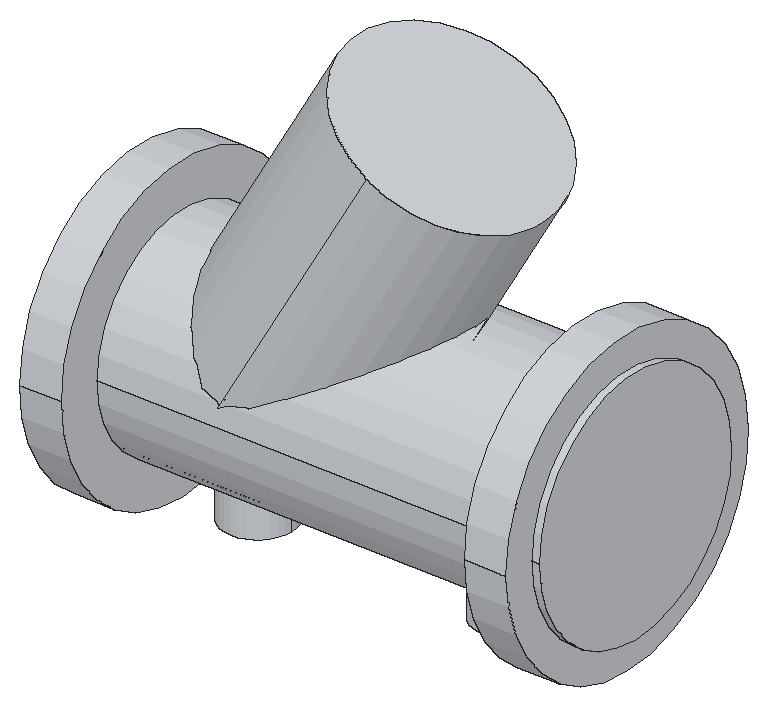
Revit family "HS 821-síto_jemné-PN40-DN200-RFA_2019", category Pipe Accessories, Revit 2019
Family settings
  Round Connector Dimension = Use Diameter
  Part Type = Breaks Into
  Work Plane-Based = No
  Always vertical = Yes
  Cut with Voids When Loaded = No
  Shared = No
Parameters (values of type "821F-DN200-PN40-síto_jemné")
  magiProductId = "7fb3fc01dd8d42428c203e3f8dd4d5"
  magiProductFamilyId = "79214ac3aaa945e397802f559f5c1e"
  magiPartTypeId = 307
  isMeasuringValve [instance] = no
  ang2D [instance] = 0.00°
  ZB__ve = -ZB  # -56 mm
  ZB1 = 115.425 mm
  ZB = 56 mm
  X2 = 188.361 mm
  X1 = 84 mm
  W2D = 15 mm
  VersionID = "2.0/2017.9.26.1/ZETKAMA_821_001"
  Use Minimum Symbol Size [instance] = yes
  URL = "www.hydronic.cz"
  Type Comments = "Filtr přírubový; síto jemné; A-PN16 (-10~300°C); D-PN25 (-10~350°C); F-PN40 (-10~400°C)"
  S = 285 mm
  QmdConnectorList = "301;D;302;D"
  Productdata [instance] = ""
  Manufacturer = "Hydronic Systems Prague s.r.o."
  MC Product Code = "250 693 (821F; DN200; PN40; kvs706,7; oko síta 0,63mm)"
  LM1 = 48 mm
  LM = 480 mm
  L4 = 150 mm
  L2D_Min = 3048 mm
  L2D = 130 mm
  L2 = 300 mm
  HH2 = 326.25 mm
  FD = 360 mm
  Description = "Filtr přírubový; síto jemné; 821A-PN16; 821D-PN25; 821F-PN40"
  DM1 = 252 mm
  DM = 256.5 mm
  D = 200 mm
  CC = 10.2 mm
  CAT0 = yes
  C1 = 49.8 mm
  C = 60 mm
  BD = 80.797 mm
Types (40, lengths in mm): name | magiProductId | ZB__ve | ZB1 | ZB | X2 | X1 | S | MC Product Code | LM1 | LM | L4 | L2 | HH2 | FD | DM1 | DM | D | CC | C1 | C | BD
  821A-DN015-PN16-síto_jemné | "a71bcfe8b393460598b23e8ddf7dc5" | -16.25 | 18.63 | 16.25 | 46.982 | 18.2 | 46 | "210 115 (821A; DN015; PN16; kvs6,2; oko síta 0,63mm)" | 10.4 | 104 | 32.5 | 65 | 81.375 | 95 | 27.6 | 41.4 | 15 | 2.21 | 10.79 | 13 | 13.041
  821A-DN020-PN16-síto_jemné | "41cd6c7a12924f4991217528336076" | -17.75 | 22.68 | 17.75 | 51.673 | 21 | 56 | "210 120 (821A; DN020; PN16; kvs9,6; oko síta 0,63mm)" | 12 | 120 | 37.5 | 75 | 89.5 | 105 | 33.6 | 50.4 | 20 | 2.55 | 12.45 | 15 | 15.876
  821A-DN025-PN16-síto_jemné | "be378b463ed14c3abf4c9b3ae8cf3a" | -19.25 | 26.325 | 19.25 | 58.601 | 22.4 | 65 | "210 125 (821A; DN025; PN16; kvs14,2; oko síta 0,63mm)" | 12.8 | 128 | 40 | 80 | 101.5 | 115 | 43.2 | 58.5 | 25 | 2.72 | 13.28 | 16 | 18.427
  821A-DN032-PN16-síto_jemné | "227a0d18b21540afabe8b6067d35fa" | -23 | 30.78 | 23 | 68.849 | 25.2 | 76 | "210 132 (821A; DN032; PN16; kvs23,1; oko síta 0,63mm)" | 14.4 | 144 | 45 | 90 | 119.25 | 140 | 50.4 | 68.4 | 32 | 3.06 | 14.94 | 18 | 21.546
  821A-DN040-PN16-síto_jemné | "d106917c74724141a10440112d0102" | -24.5 | 34.02 | 24.5 | 75.777 | 28 | 84 | "210 140 (821A; DN040; PN16; kvs36,6; oko síta 0,63mm)" | 16 | 160 | 50 | 100 | 131.25 | 150 | 60 | 75.6 | 40 | 3.4 | 16.6 | 20 | 23.814
  821A-DN050-PN16-síto_jemné | "8255d456a09e4f6486734f5dd9171b" | -26.75 | 40.095 | 26.75 | 79.061 | 32.2 | 99 | "210 150 (821A; DN050 PN16; kvs53,7; oko síta 0,63mm)" | 18.4 | 184 | 57.5 | 115 | 136.938 | 165 | 73.8 | 89.1 | 50 | 3.91 | 19.09 | 23 | 28.066
  821A-DN065-PN16-síto_jemné | "235b1b3e4c0843779a4d5e3716d40a" | -29.75 | 47.79 | 29.75 | 86.927 | 40.6 | 118 | "210 165 (821A; DN065; PN16; kvs95,1; oko síta 0,63mm)" | 23.2 | 232 | 72.5 | 145 | 150.562 | 185 | 94.2 | 106.2 | 65 | 4.93 | 24.07 | 29 | 33.453
  821A-DN080-PN16-síto_jemné | "a067f7c5236348ed8c820d16df7214" | -32 | 53.46 | 32 | 104.753 | 43.4 | 132 | "210 180 (821A; DN080; PN16; kvs137,1; oko síta 0,63mm)" | 24.8 | 248 | 77.5 | 155 | 181.438 | 200 | 107.4 | 118.8 | 80 | 5.27 | 25.73 | 31 | 37.422
  821A-DN100-PN16-síto_jemné | "c49a648c2747461285837d643703cd" | -35 | 63.18 | 35 | 114.857 | 49 | 156 | "210 190 (821A; DN100; PN16; kvs206,4; oko síta 0,63mm)" | 28 | 280 | 87.5 | 175 | 198.937 | 220 | 131.4 | 140.4 | 100 | 5.95 | 29.05 | 35 | 44.226
  821A-DN125-PN16-síto_jemné | "bf68e728a163493cbd2a663b26ebdc" | -39.5 | 74.52 | 39.5 | 131.888 | 56 | 184 | "210 191 (821A; DN125; PN16; kvs268,8; oko síta 0,63mm)" | 32 | 320 | 100 | 200 | 228.438 | 250 | 165 | 165.6 | 125 | 6.8 | 33.2 | 40 | 52.164
  821A-DN150-PN16-síto_jemné | "2de770284b654863ae6bc865769dc5" | -44.75 | 85.455 | 44.75 | 155.885 | 67.2 | 211 | "210 192 (821A; DN150; PN16; kvs401,4; oko síta 0,63mm)" | 38.4 | 384 | 120 | 240 | 270 | 285 | 192 | 189.9 | 150 | 8.16 | 39.84 | 48 | 59.818
  821A-DN200-PN16-síto_jemné | "8e5693371ab64aabb29a7f08c76e15" | -53 | 107.73 | 53 | 188.361 | 84 | 266 | "210 193 (821A; DN200; PN16; kvs706,7; oko síta 0,63mm)" | 48 | 480 | 150 | 300 | 326.25 | 340 | 252 | 239.4 | 200 | 10.2 | 49.8 | 60 | 75.411
  821A-DN250-PN16-síto_jemné | "05e37ed948c34047acdd4c42556504" | -62.75 | 129.195 | 62.75 | 255.911 | 102.2 | 319 | "210 194 (821A; DN250; PN16; kvs1229,4; oko síta 0,63mm)" | 58.4 | 584 | 182.5 | 365 | 443.25 | 405 | 309.6 | 287.1 | 250 | 12.41 | 60.59 | 73 | 90.436
  821A-DN300-PN16-síto_jemné | "9ad0af747269428da925480d83ce80" | -71 | 149.85 | 71 | 325.914 | 119 | 370 | "210 195 (821A; DN300; PN16; kvs1902,4; oko síta 0,63mm)" | 68 | 680 | 212.5 | 425 | 564.5 | 460 | 369.6 | 333 | 300 | 14.45 | 70.55 | 85 | 104.895
  821A-DN350-PN16-síto_jemné | "eebc71459bb3451bb4355e7951370a" | -80 | 173.745 | 80 | 356.875 | 137.2 | 429 | "200 196 (821A; DN350; PN16; kvs2611,0; oko síta 0,63mm)" | 78.4 | 784 | 245 | 490 | 618.125 | 520 | 438 | 386.1 | 350 | 16.66 | 81.34 | 98 | 121.621
  821A-DN400-PN16-síto_jemné | "d2f677cb196647e385b2590e7d8abe" | -89 | 194.4 | 89 | 392.237 | 154 | 480 | "210 197 (821A; DN400; PN16; kvs3438,4; oko síta 0,63mm)" | 88 | 880 | 275 | 550 | 679.375 | 580 | 498 | 432 | 400 | 18.7 | 91.3 | 110 | 136.08
  821D-DN015-PN25-síto_jemné | "27ddcbf555414f8ca1fde329bf9087" | -16.25 | 18.63 | 16.25 | 46.982 | 18.2 | 46 | "210 215 (821D; DN015; PN25; kvs6,2; oko síta 0,63mm)" | 10.4 | 104 | 32.5 | 65 | 81.375 | 95 | 27.6 | 41.4 | 15 | 2.21 | 10.79 | 13 | 13.041
  821D-DN020-PN25-síto_jemné | "270e0f14012f47189cd0235c18faee" | -17.75 | 22.68 | 17.75 | 51.673 | 21 | 56 | "210 220 (821D; DN020; PN25; kvs9,6; oko síta 0,63mm)" | 12 | 120 | 37.5 | 75 | 89.5 | 105 | 33.6 | 50.4 | 20 | 2.55 | 12.45 | 15 | 15.876
  821D-DN025-PN25-síto_jemné | "b9a7fb4aa36643878c637d8e1ab992" | -19.25 | 26.325 | 19.25 | 58.601 | 22.4 | 65 | "210 225 (821D; DN025; PN25; kvs14,2; oko síta 0,63mm)" | 12.8 | 128 | 40 | 80 | 101.5 | 115 | 43.2 | 58.5 | 25 | 2.72 | 13.28 | 16 | 18.427
  821D-DN032-PN25-síto_jemné | "6be9a55c4e68400f94eec7e804204c" | -23 | 30.78 | 23 | 68.849 | 25.2 | 76 | "210 232 (821D; DN032; PN25; kvs23,1; oko síta 0,63mm)" | 14.4 | 144 | 45 | 90 | 119.25 | 140 | 50.4 | 68.4 | 32 | 3.06 | 14.94 | 18 | 21.546
  821D-DN040-PN25-síto_jemné | "c54511bd7f584ec2984291479612cb" | -24.5 | 34.02 | 24.5 | 75.777 | 28 | 84 | "210 240 (821D; DN040; PN25; kvs36,6; oko síta 0,63mm)" | 16 | 160 | 50 | 100 | 131.25 | 150 | 60 | 75.6 | 40 | 3.4 | 16.6 | 20 | 23.814
  821D-DN050-PN25-síto_jemné | "5483b1f596b04cd39b23a14a22c90e" | -26.75 | 40.095 | 26.75 | 79.061 | 32.2 | 99 | "210 250 (821D; DN050; PN25; kvs53,7; oko síta 0,63mm)" | 18.4 | 184 | 57.5 | 115 | 136.938 | 165 | 73.8 | 89.1 | 50 | 3.91 | 19.09 | 23 | 28.066
  821D-DN065-PN25-síto_jemné | "767b0f8318e94750bc7a9930ed5b30" | -29.75 | 47.79 | 29.75 | 86.927 | 40.6 | 118 | "210 265 (821D; DN065; PN25; kvs95,1; oko síta 0,63mm)" | 23.2 | 232 | 72.5 | 145 | 150.562 | 185 | 94.2 | 106.2 | 65 | 4.93 | 24.07 | 29 | 33.453
  821D-DN080-PN25-síto_jemné | "e21040fa3cc2404b858198f6b73709" | -32 | 53.46 | 32 | 104.753 | 43.4 | 132 | "210 280 (821D; DN080; PN25; kvs137,1; oko síta 0,63mm)" | 24.8 | 248 | 77.5 | 155 | 181.438 | 200 | 107.4 | 118.8 | 80 | 5.27 | 25.73 | 31 | 37.422
  821D-DN100-PN25-síto_jemné | "175ca87a506b40b3bc6b82f12f33cf" | -37.25 | 63.18 | 37.25 | 114.857 | 49 | 156 | "210 290 (821D; DN100; PN25; kvs206,4; oko síta 0,63mm)" | 28 | 280 | 87.5 | 175 | 198.937 | 235 | 131.4 | 140.4 | 100 | 5.95 | 29.05 | 35 | 44.226
  821D-DN125-PN25-síto_jemné | "77cc98d60da24855999a22dff726b2" | -42.5 | 74.52 | 42.5 | 131.888 | 56 | 184 | "210 291 (821D; DN125; PN25; kvs268,8; oko síta 0,63mm)" | 32 | 320 | 100 | 200 | 228.438 | 270 | 165 | 165.6 | 125 | 6.8 | 33.2 | 40 | 52.164
  821D-DN150-PN25-síto_jemné | "9cf8acfcd15547d68e83172d3abcbe" | -47 | 85.455 | 47 | 155.885 | 67.2 | 211 | "210 292 (821D; DN150; PN25; kvs401,4; oko síta 0,63mm)" | 38.4 | 384 | 120 | 240 | 270 | 300 | 192 | 189.9 | 150 | 8.16 | 39.84 | 48 | 59.818
  821D-DN200-PN25-síto_jemné | "16973f3c9ea14389ba8602495a6b64" | -56 | 110.97 | 56 | 188.361 | 84 | 274 | "210 293 (821D; DN200; PN25; kvs706,7; oko síta 0,63mm)" | 48 | 480 | 150 | 300 | 326.25 | 360 | 252 | 246.6 | 200 | 10.2 | 49.8 | 60 | 77.679
  821F-DN015-PN40-síto_jemné | "4c7eaf3c4c0340888b3e684d8a8616" | -16.25 | 18.225 | 16.25 | 46.982 | 18.2 | 45 | "250 615 (821F; DN015; PN40; kvs6,2; oko síta 0,63mm)" | 10.4 | 104 | 32.5 | 65 | 81.375 | 95 | 27.6 | 40.5 | 15 | 2.21 | 10.79 | 13 | 12.757
  821F-DN020-PN40-síto_jemné | "aaac5f1ec96b44d6ba96ac2293d66d" | -17.75 | 23.49 | 17.75 | 51.673 | 21 | 58 | "250 620 (821F; DN020; PN40; kvs9,6; oko síta 0,63mm)" | 12 | 120 | 37.5 | 75 | 89.5 | 105 | 33.6 | 52.2 | 20 | 2.55 | 12.45 | 15 | 16.443
  821F-DN025-PN40-síto_jemné | "504768023968471481789485b54c7e" | -19.25 | 27.54 | 19.25 | 58.601 | 22.4 | 68 | "250 625 (821F; DN025; PN40; kvs14,2; oko síta 0,63mm)" | 12.8 | 128 | 40 | 80 | 101.5 | 115 | 43.2 | 61.2 | 25 | 2.72 | 13.28 | 16 | 19.278
  821F-DN032-PN40-síto_jemné | "165e7f39cf744f329bdf1c400dad12" | -23 | 31.59 | 23 | 68.849 | 25.2 | 78 | "250 632 (821F; DN032; PN40; kvs23,1; oko síta 0,63mm)" | 14.4 | 144 | 45 | 90 | 119.25 | 140 | 50.4 | 70.2 | 32 | 3.06 | 14.94 | 18 | 22.113
  821F-DN040-PN40-síto_jemné | "b8903f952089408fbf3a5a632bab1f" | -24.5 | 35.64 | 24.5 | 75.777 | 28 | 88 | "250 640 (821F; DN040; PN40; kvs36,6; oko síta 0,63mm)" | 16 | 160 | 50 | 100 | 131.25 | 150 | 60 | 79.2 | 40 | 3.4 | 16.6 | 20 | 24.948
  821F-DN050-PN40-síto_jemné | "c451f97266fe48da8f879cb6a2bd44" | -26.75 | 41.31 | 26.75 | 79.061 | 32.2 | 102 | "250 650 (821F; DN050; PN40; kvs53,7; oko síta 0,63mm)" | 18.4 | 184 | 57.5 | 115 | 136.938 | 165 | 73.8 | 91.8 | 50 | 3.91 | 19.09 | 23 | 28.917
  821F-DN065-PN40-síto_jemné | "dc9821e3f9b34e128f6a8c6b34c198" | -29.75 | 49.41 | 29.75 | 86.927 | 40.6 | 122 | "250 665 (821F; DN065; PN40; kvs95,1; oko síta 0,63mm)" | 23.2 | 232 | 72.5 | 145 | 150.562 | 185 | 94.2 | 109.8 | 65 | 4.93 | 24.07 | 29 | 34.587
  821F-DN080-PN40-síto_jemné | "689aa1e260f84cf4994f027a1d86b5" | -32 | 55.89 | 32 | 104.753 | 43.4 | 138 | "250 680 (821F; DN080; PN40; kvs137,1; oko síta 0,63mm)" | 24.8 | 248 | 77.5 | 155 | 181.438 | 200 | 107.4 | 124.2 | 80 | 5.27 | 25.73 | 31 | 39.123
  821F-DN100-PN40-síto_jemné | "8a45d4e8e2ab425f8c432f21d684f3" | -37.25 | 65.61 | 37.25 | 114.857 | 49 | 162 | "250 690 (821F; DN100; PN40; kvs206,4; oko síta 0,63mm)" | 28 | 280 | 87.5 | 175 | 198.937 | 235 | 131.4 | 145.8 | 100 | 5.95 | 29.05 | 35 | 45.927
  821F-DN125-PN40-síto_jemné | "cf073904c006406b8645afa67ea2fc" | -42.5 | 76.14 | 42.5 | 131.888 | 56 | 188 | "250 691 (821F; DN125; PN40; kvs268,8; oko síta 0,63mm)" | 32 | 320 | 100 | 200 | 228.438 | 270 | 165 | 169.2 | 125 | 6.8 | 33.2 | 40 | 53.298
  821F-DN150-PN40-síto_jemné | "0153b9ddabe14992a630484929fdbc" | -47 | 88.29 | 47 | 155.885 | 67.2 | 218 | "250 692 (821F; DN150; PN40; kvs401,4; oko síta 0,63mm)" | 38.4 | 384 | 120 | 240 | 270 | 300 | 192 | 196.2 | 150 | 8.16 | 39.84 | 48 | 61.803
  821F-DN200-PN40-síto_jemné | "7fb3fc01dd8d42428c203e3f8dd4d5" | -56 | 115.425 | 56 | 188.361 | 84 | 285 | "250 693 (821F; DN200; PN40; kvs706,7; oko síta 0,63mm)" | 48 | 480 | 150 | 300 | 326.25 | 360 | 252 | 256.5 | 200 | 10.2 | 49.8 | 60 | 80.797
Reference planes
  plane 1 "Center (Front/Back)": y = 0
  plane 2 "XYPLANE": z = 0
  plane 3 "Center (Left/Right)": x = 0
  plane 4 "109": x = -192
  plane 5 "108": x = 240
  plane 6 "107": x = -240
  plane 7 "105": x = 300
  plane 8 "104": x = -300
  plane 9 "103": y = 0
  plane 10 "102": z = 0
  plane 11 "101": x = -289.8
  plane 12 "100": x = 289.8
  plane 13 "11": x = -108
  plane 14 "10": z = 326.25
  plane 15 "9": x = 80.361
  plane 16 "5": z = -115.425
  plane 17 "4": x = -150
  plane 18 "1": x = 150
Forms (mm)
  Extrusion 1, solid, visible <- "CAT0"
    sketch origin (-240, -750, 0) x (0, 1, 0) y (0, 0, 1)
      loop
        circle (750, 0) r 128.25
    from 0 to 480 <- "LM"
  Extrusion 2, solid
    sketch origin (-300, -750, 0) x (0, 1, 0) y (0, 0, 1)
      loop
        circle (750, 0) r 142.5
    from 0 to 10.2 <- "CC"
  Extrusion 3, solid
    sketch origin (-289.8, -750, 0) x (0, 1, 0) y (0, 0, 1)
      loop
        circle (750, 0) r 180
    from 0 to 49.8 <- "C1"
  Extrusion 4, solid
    sketch origin (240, -750, 0) x (0, 1, 0) y (0, 0, 1)
      loop
        circle (750, 0) r 180
    from 0 to 49.8 <- "C1"
  Extrusion 5, solid
    sketch origin (289.8, -750, 0) x (0, 1, 0) y (0, 0, 1)
      loop
        circle (750, 0) r 142.5
    from 0 to 10.2 <- "CC"
  Sweep 6, solid, visible <- "CAT0"
    path origin (750, 0, 0) x (-1, 0, 0) y (0, 0, 1)
      loop
        line (990, 0) -> (858, 0) -> (669.639, 326.25)
    profile origin (-240, 0, 0) x (0, 0, -1) y (0, 1, 0)
      loop
        circle (0, 0) r 126
  Extrusion 7, solid, visible <- "CAT0"
    sketch origin (-750, 0, -115.425) x (1, 0, 0) y (0, 1, 0)
      loop
        circle (600, 0) r 40.399
    from 0 to -56 <- "ZB__ve"
  Extrusion 8, solid, visible <- "CAT0"
    sketch origin (-750, 0, -115.425) x (1, 0, 0) y (0, 1, 0)
      loop
        circle (900, 0) r 40.399
    from 0 to -56 <- "ZB__ve"
  Extrusion 9, solid, not visible
    sketch origin (300, -750, 0) x (0, 1, 0) y (0, 0, 1)
      loop
        circle (750, 0) r 10
    from 0 to -10
  Extrusion 10, solid, not visible
    sketch origin (-300, -750, 0) x (0, 1, 0) y (0, 0, 1)
      loop
        circle (750, 0) r 10
    from 0 to 10
Lines and regions (mm)
  reference lines, not visible
    curve 1: circle (2, 2, 0) r 1 normal (0, 0, 1)
Dimensions and locks
  plane 1 "Center (Front/Back)" to curve 1 = 2 mm
  "LM1": plane 6 "107" to plane 4 "109"
  "LM": plane 6 "107" to plane 5 "108"
  "C": plane 8 "104" to plane 6 "107"
  "L2": plane 3 "Center (Left/Right)" to plane 7 "105"
  "L2": plane 3 "Center (Left/Right)" to plane 8 "104"
  locked: plane 1 "Center (Front/Back)" to plane 9 "103"
  locked: plane 2 "XYPLANE" to plane 10 "102"
  "CC": plane 8 "104" to plane 11 "101"
  "C1": plane 5 "108" to plane 12 "100"
  "X1": plane 4 "109" to plane 13 "11"
  "HH2": plane 2 "XYPLANE" to plane 14 "10"
  "X2": plane 13 "11" to plane 15 "9"
  "ZB1": plane 2 "XYPLANE" to plane 16 "5"
  "L4": plane 8 "104" to plane 17 "4"
  "L2": plane 17 "4" to plane 18 "1"
  Sweep 6 sketch curve to Sweep 6 sketch curve = 0 mm  (x2)
  "DM": diameter of Extrusion 1 sketch curve
  "S": diameter of Extrusion 2 sketch curve
  "FD": diameter of Extrusion 3 sketch curve
  "FD": diameter of Extrusion 4 sketch curve
  "S": diameter of Extrusion 5 sketch curve
  "DM1": diameter of Sweep 6 sketch curve
  "BD": diameter of Extrusion 7 sketch curve
  "BD": diameter of Extrusion 8 sketch curve
  aligned and locked: level to plane 2 "XYPLANE"
  aligned and locked: Extrusion 1 sketch curve to plane 9 "103"
  aligned and locked: plane 10 "102" to Extrusion 1 sketch curve
  aligned and locked: Extrusion 2 sketch curve to plane 9 "103"
  aligned and locked: plane 10 "102" to Extrusion 2 sketch curve
  aligned and locked: Extrusion 3 sketch curve to plane 9 "103"
  aligned and locked: plane 10 "102" to Extrusion 3 sketch curve
  aligned and locked: Extrusion 4 sketch curve to plane 9 "103"
  aligned and locked: plane 10 "102" to Extrusion 4 sketch curve
  aligned and locked: Extrusion 5 sketch curve to plane 9 "103"
  aligned and locked: plane 10 "102" to Extrusion 5 sketch curve
  aligned and locked: Sweep 6 sketch curve to plane 9 "103"
  aligned and locked: plane 10 "102" to Sweep 6 sketch curve  (x3)
  aligned and locked: plane 6 "107" to Sweep 6 sketch curve
  aligned and locked: plane 13 "11" to Sweep 6 sketch curve
  aligned and locked: plane 14 "10" to Sweep 6 sketch curve
  aligned and locked: plane 15 "9" to Sweep 6 sketch curve
  aligned and locked: plane 9 "103" to Extrusion 7 sketch curve
  aligned and locked: plane 17 "4" to Extrusion 7 sketch curve
  aligned and locked: plane 9 "103" to Extrusion 8 sketch curve
  aligned and locked: plane 18 "1" to Extrusion 8 sketch curve
  aligned and locked: Extrusion 9 sketch curve to plane 9 "103"
  aligned and locked: plane 10 "102" to Extrusion 9 sketch curve
  aligned and locked: Extrusion 10 sketch curve to plane 9 "103"
  aligned and locked: plane 10 "102" to Extrusion 10 sketch curve
Automatic sketch dimensions
  plane 1 "Center (Front/Back)" to Extrusion 9 sketch curve = 10 mm
  plane 1 "Center (Front/Back)" to Extrusion 10 sketch curve = 10 mm
  plane 3 "Center (Left/Right)" to curve 1 = 2 mm
  radius of curve 1 = 1 mm
Connectors
  piping at (-300, 0, 0), diameter 200, driven by "D"
    settings: on Extrusion 10, index 1, connector inside diameter 609.6 mm, connector length 0 mm, flow factor 0, pipe flow 0.0 L/s, pressure drop 0.0 Pa, fitting loss kfactor 0, connector angle 0.00°, fixture units 0, engagement length 0 mm, angle of deflection 0.00°, flow configuration 0, flow direction 0, fitting loss method 0, system type 29, joint type 0, gender type 0, connector reference index 2, connector utility 0, adjustable connector no, is connector primary yes, connector description ""
  piping at (300, 0, 0), diameter 200, driven by "D"
    settings: on Extrusion 9, index 2, connector inside diameter 609.6 mm, connector length 0 mm, flow factor 0, pipe flow 0.0 L/s, pressure drop 0.0 Pa, fitting loss kfactor 0, connector angle 0.00°, fixture units 0, engagement length 0 mm, angle of deflection 0.00°, flow configuration 0, flow direction 0, fitting loss method 0, system type 29, joint type 0, gender type 0, connector reference index 1, connector utility 0, adjustable connector no, is connector primary no, connector description ""
